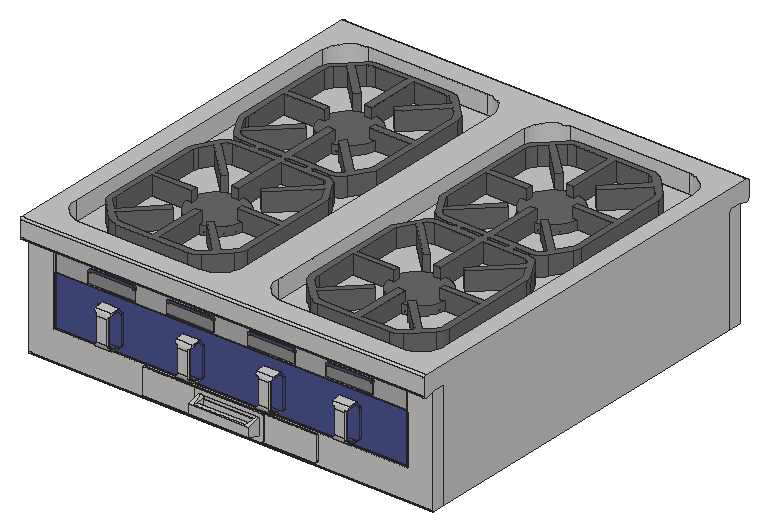
Revit family "QF_ELECTROLUXPROFESSIONAL_588050_MAGGAAHOPI", category Specialty Equipment, Revit 2018
Family settings
  Round Connector Dimension = Use Diameter
  Part Type = Normal
  Work Plane-Based = No
  Always vertical = Yes
  Cut with Voids When Loaded = No
  Shared = No
  Room Calculation Point = No
Parameters
  Weight in Pounds = 138.891
  Watts = 0 W
  URL Cutsheet = ""
  Type Mark [instance] = ""
  Status [instance] = ""
  Specification by User [instance] = ""
  Specification by Manufacturer = ""
  Show Clearance [instance] = yes
  Serial Number = ""
  Seismic Rating = ""
  SMACNA No = ""
  Revision Code [instance] = ""
  Omniclass Number and Title = ""
  NAFEM Spec ID Number = ""
  Model = "588050"
  Mechanical Remarks [instance] = ""
  Mechanical Connection Type [instance] = ""
  Masterspec = ""
  Manufacturer = "ELECTROLUX"
  Item Number [instance] = ""
  Installed By [instance] = ""
  Identify Quantity as Lot [instance] = yes
  HP = "0 HP"
  Gas Size = 1/2"
  Gas RI Height [instance] = 0 mm
  Gas KW = 28
  Gas Input = 95452.0 Btu/h
  Gas Connection Height [instance] = 0 mm
  Furnished By [instance] = ""
  Foodservice Equipment Identifier [instance] = yes
  Direct Waste Size = 0"
  Description = "GAS TOP,4 BURNERS,ECO,1-S,800X800X250H"
  CSI MasterFormat = ""
  CSI Master Format = ""
  Back Panel [instance] = yes
Reference planes
  plane 1 "BACK": y = 0
  plane 2: z = 0
  plane 3 "LEFT": x = 0
  plane 4 "RIGHT": x = 800
  plane 5 "FRONT": y = -800
  plane 6 "TOP": z = 250
  plane 7: x = 400
  plane 8: y = -400
  plane 9: z = 370
  plane 10: x = 765
  plane 11: y = -60.425
  plane 12: y = -1230
Forms (mm)
  Extrusion 1, solid, material "QF_Finishes_Stainless Steel"
    sketch origin (0, -487.128, 0) x (0, 1, 0) y (0, 0, 1)
      loop
        line (483.128, 250) -> (-308.872, 250)
        arc (-308.872, 250) -> (-311.7, 248.828) -> (-312.872, 246) r 4
        line (-312.872, 246) -> (-312.872, 214)
        arc (-312.872, 214) -> (-311.437, 210.931) -> (-308.161, 210.064) r 4
        line (-308.161, 210.064) -> (-292.872, 213) -> (-267.872, 213) -> (-267.872, 0) -> (442.128, 0) -> (442.128, 213) -> (465.765, 213) -> (482.433, 210.061)
        arc (482.433, 210.061) -> (485.699, 210.936) -> (487.128, 214) r 4
        line (487.128, 214) -> (487.128, 246)
        arc (487.128, 246) -> (485.956, 248.828) -> (483.128, 250) r 4
    from 0 to 800
  Extrusion 2, void
    sketch origin (653.786, 44.048, 250) x (1, 0, 0) y (0, -1, 0)
      loop
        line (-570.234, 89.462) -> (-334.333, 89.462)
        arc (-334.333, 89.462) -> (-299.707, 103.805) -> (-285.364, 138.432) r 48.97
        line (-285.364, 138.432) -> (-285.364, 750.078)
        arc (-285.364, 750.078) -> (-299.707, 784.705) -> (-334.333, 799.048) r 48.97
        line (-334.333, 799.048) -> (-570.234, 799.048)
        arc (-570.234, 799.048) -> (-605.59, 784.403) -> (-620.234, 749.048) r 50
        line (-620.234, 749.048) -> (-620.234, 139.462)
        arc (-620.234, 139.462) -> (-605.59, 104.107) -> (-570.234, 89.462) r 50
      loop
        line (64.679, 799.048) -> (-171.222, 799.048)
        arc (-171.222, 799.048) -> (-206.577, 784.403) -> (-221.222, 749.048) r 50
        line (-221.222, 749.048) -> (-221.222, 139.462)
        arc (-221.222, 139.462) -> (-206.577, 104.107) -> (-171.222, 89.462) r 50
        line (-171.222, 89.462) -> (64.679, 89.462)
        arc (64.679, 89.462) -> (99.306, 103.805) -> (113.649, 138.432) r 48.97
        line (113.649, 138.432) -> (113.649, 750.078)
        arc (113.649, 750.078) -> (99.306, 784.705) -> (64.679, 799.048) r 48.97
    from 0 to 37
  Extrusion 3, solid, material "QF_Finishes_Stainless Steel"
    sketch origin (10, -560, 0) x (1, 0, 0) y (0, -1, 0)
      loop
        circle (755, -70) r 6.35
    from 0 to 3.2
  Extrusion 4, solid, material "QF_Door-Drawer Clearances", visible <- "Show Clearance", detail levels coarse
    sketch origin (-178.969, -4572, 0) x (-1, 0, 0) y (0, -1, 0)
      loop
        line (-407.364, -3789.407) -> (-407.364, -3342) -> (-751.364, -3342) -> (-751.364, -3789.407) -> (-407.364, -3789.407)
    from 8.012 to 59.392
  Extrusion 5, solid, material "QF_Finishes_Stainless Steel", visible <- "Back Panel"
    sketch origin (0, 0.586, 0) x (0, 1, 0) y (0, 0, 1)
      loop
        line (-46, 0) -> (-21, 0) -> (-21, 212.833) -> (-21.949, 213) -> (-46, 213) -> (-46, 0)
    from 0 to 800
Cuts and joins
  Extrusion 2 cuts Extrusion 1
Lines and regions (mm)
  symbolic lines
    curve 1: line (0, 0, 0) -> (800, 0, 0)
    curve 2: line (0, -800, 0) -> (0, 0, 0)
    curve 3: line (800, -800, 0) -> (0, -800, 0)
    curve 4: line (800, 0, 0) -> (800, -800, 0)
    curve 5: arc (83.552, -755, 0) -> (48.197, -740.355, 0) -> (33.552, -705, 0) r 50
    curve 6: line (33.552, -705, 0) -> (33.552, -95.414, 0)
    curve 7: arc (33.552, -95.414, 0) -> (48.197, -60.059, 0) -> (83.552, -45.414, 0) r 50
    curve 8: line (83.552, -45.414, 0) -> (317.592, -45.414, 0)
    curve 9: arc (718.465, -45.414, 0) -> (753.092, -59.757, 0) -> (767.435, -94.384, 0) r 48.97
    curve 10: line (767.435, -94.384, 0) -> (767.435, -706.03, 0)
    curve 11: arc (767.435, -706.03, 0) -> (753.092, -740.657, 0) -> (718.465, -755, 0) r 48.97
    curve 12: line (718.465, -755, 0) -> (482.408, -755, 0)
    curve 13: line (482.408, -45.414, 0) -> (718.465, -45.414, 0)
    curve 14: line (317.592, -755, 0) -> (83.552, -755, 0)
    curve 15: arc (482.408, -755, 0) -> (447.053, -740.355, 0) -> (432.408, -705, 0) r 50
    curve 16: line (432.408, -705, 0) -> (432.408, -95.414, 0)
    curve 17: arc (432.408, -95.414, 0) -> (447.053, -60.059, 0) -> (482.408, -45.414, 0) r 50
    curve 18: arc (317.592, -755, 0) -> (352.947, -740.355, 0) -> (367.592, -705, 0) r 50
    curve 19: line (367.592, -705, 0) -> (367.592, -95.414, 0)
    curve 20: arc (367.592, -95.414, 0) -> (352.947, -60.059, 0) -> (317.592, -45.414, 0) r 50
  symbolic lines, style "QF_Door-Drawer Clearances"
    curve 21: line (228.395, -800, 0) -> (228.395, -1230, 0)
    curve 22: line (572.395, -1230, 0) -> (572.395, -800, 0)
    curve 23: line (228.395, -1230, 0) -> (572.395, -1230, 0)
Dimensions and locks
  plane 3 "LEFT" to plane 4 "RIGHT" = 800 mm
  plane 5 "FRONT" to plane 1 "BACK" = 800 mm
  equal spacing: plane 3 "LEFT", plane 7, plane 4 "RIGHT"
  equal spacing: plane 5 "FRONT", plane 8, plane 1 "BACK"
  plane 6 "TOP" to level = 250 mm  (x2)
  plane 1 "BACK" to plane 5 "FRONT" = 800 mm
  Extrusion 3 sketch curve to plane 1 "BACK" = 490 mm
  Extrusion 3 sketch curve to plane 4 "RIGHT" = 35 mm
  plane 1 "BACK" to Extrusion 3 = 490 mm
  locked: plane 10 to plane 4 "RIGHT" at 35
  plane 5 "FRONT" to plane 12 = 430 mm
  aligned and locked: level to plane 2
  aligned and locked: Extrusion 1 to plane 4 "RIGHT"
Automatic sketch dimensions
  Extrusion 1 sketch curve to plane 5 "FRONT" = 0 mm
  Extrusion 1 sketch curve to plane 6 "TOP" = 0 mm
  Extrusion 1 sketch curve to level = 0 mm
  Extrusion 1 sketch curve to plane 1 "BACK" = 0 mm
  Extrusion 1 sketch curve to plane 6 "TOP" = 37 mm  (x2)
  Extrusion 1 sketch curve to plane 5 "FRONT" = 4 mm
  Extrusion 1 sketch curve to plane 5 "FRONT" = 20 mm
  Extrusion 1 sketch curve to plane 5 "FRONT" = 45 mm
  plane 1 "BACK" to Extrusion 1 sketch curve = 21.363 mm
  plane 1 "BACK" to Extrusion 1 sketch curve = 4 mm  (x2)
  Extrusion 1 sketch curve to Extrusion 1 sketch curve = 4 mm
  Extrusion 1 sketch curve to Extrusion 1 sketch curve = 0.711 mm
  plane 1 "BACK" to Extrusion 1 sketch curve = 4.695 mm
  Extrusion 1 sketch curve to Extrusion 1 sketch curve = 0 mm  (x2)
  Extrusion 1 sketch curve to Extrusion 1 sketch curve = 1 mm  (x2)
  plane 1 "BACK" to Extrusion 1 sketch curve = 45 mm
  plane 1 "BACK" to curve 1 = 0 mm
  curve 1 to plane 4 "RIGHT" = 0 mm
  curve 3 to plane 3 "LEFT" = 0 mm
  curve 10 to plane 10 = 2.435 mm
  plane 11 to curve 13 = 15.012 mm
  plane 10 to curve 13 = 46.535 mm
  plane 10 to curve 12 = 46.535 mm
  plane 7 to curve 16 = 32.408 mm
  curve 19 to plane 7 = 32.408 mm
  plane 3 "LEFT" to curve 8 = 83.552 mm
  plane 3 "LEFT" to curve 14 = 83.552 mm
  plane 3 "LEFT" to curve 6 = 33.552 mm
  curve 15 to curve 16 = 50 mm
  curve 20 to plane 11 = 34.988 mm
  curve 18 to plane 5 "FRONT" = 45 mm
  curve 19 to curve 18 = 50 mm
  Extrusion 1 to Extrusion 2 sketch curve = 33.552 mm
  Extrusion 1 to Extrusion 2 sketch curve = 41 mm  (x2)
  Extrusion 2 sketch curve to Extrusion 2 sketch curve = 50 mm  (x4)
  Extrusion 1 to Extrusion 2 sketch curve = 41.414 mm
  Extrusion 2 sketch curve to Extrusion 2 sketch curve = 235.901 mm  (x2)
  Extrusion 2 sketch curve to Extrusion 2 sketch curve = 48.97 mm
  Extrusion 2 sketch curve to Extrusion 2 sketch curve = 64.142 mm
  Extrusion 1 to Extrusion 2 sketch curve = 81.535 mm  (x2)
  Extrusion 1 to Extrusion 2 sketch curve = 32.565 mm
  Extrusion 2 sketch curve to Extrusion 2 sketch curve = 1.03 mm
  curve 18 to curve 16 = 0 mm
  plane 11 to curve 8 = 15.012 mm
  curve 16 to plane 11 = 34.988 mm
  plane 7 to Extrusion 4 sketch curve = 172.395 mm
  Extrusion 4 sketch curve to plane 5 "FRONT" = 17.407 mm
  Extrusion 4 sketch curve to plane 7 = 171.605 mm
  Extrusion 4 sketch curve to Extrusion 4 sketch curve = 447.407 mm
  curve 22 to plane 12 = 0 mm
  plane 7 to curve 22 = 172.395 mm
  curve 21 to plane 7 = 171.605 mm
  curve 22 to plane 5 "FRONT" = 0 mm
  Extrusion 5 sketch curve to level = 0 mm
  plane 11 to Extrusion 5 sketch curve = 15.012 mm
  Extrusion 5 sketch curve to plane 6 "TOP" = 37.167 mm
  plane 1 "BACK" to Extrusion 5 sketch curve = 21.363 mm
  plane 1 "BACK" to Extrusion 5 sketch curve = 20.414 mm
  Extrusion 5 sketch curve to Extrusion 5 sketch curve = 0.167 mm
  radius of Extrusion 3 sketch curve = 6.35 mm
Nested families
  nested 1: "OBT_800_Open Burner" at (200, -400.207, -649.319), type "OBT_800_Open Burner"
  nested 2: "OBT_800_Open Burner" at (600, -400.207, -649.319) x (-1, 0, 0) z (0, 0, 1), type "OBT_800_Open Burner"
  nested 3: "EG_800_1000_Double Range Control Handle Front Panel" at (202.376, -755, -650), type "EG_800_1000_Double Range Control Handle Front Panel"
Connectors
  piping at (765, -490, -3.2), diameter 12.8
    settings: on Extrusion 3, index 1, connector inside diameter 0.50394", connector length 0 mm, flow factor 0, pipe flow 0 GPM, pressure drop 0.00 psi, fitting loss kfactor 0, connector angle 0.00°, fixture units 0, engagement length 0 mm, angle of deflection 0.00°, flow configuration 1, flow direction 1, fitting loss method 0, system type 7, joint type 0, gender type 0, connector reference index -1, connector utility 0, adjustable connector no, is connector primary yes, connector description "GAS CONNECTION"
Definition of nested family "OBT_800_Open Burner"
  Reference planes
    plane 1 "Center (Front/Back)": y = 0
    plane 2: z = 0
    plane 3 "Center (Left/Right)": x = 0
    plane 4: x = -136.448
    plane 5: x = 137.435
    plane 6: y = 324.793
    plane 7: y = -324.793
  Forms (mm)
    Extrusion 1, solid
      sketch origin (2130.573, 56.896, -679.622) x (1, 0, 0) y (0, 1, 0)
        loop
          line (-2137.44, 256.49) -> (-2200.793, 256.49)
          arc (-2200.793, 256.49) -> (-2207.908, 255.075) -> (-2213.94, 251.044) r 18.593
          line (-2213.94, 251.044) -> (-2226.233, 238.751) -> (-2163.48, 175.998) -> (-2171.6, 167.877) -> (-2234.354, 230.631) -> (-2250.33, 214.654)
          arc (-2250.33, 214.654) -> (-2254.433, 208.337) -> (-2255.614, 200.897) r 18.125
          line (-2255.614, 200.897) -> (-2255.614, 113.422) -> (-2175.79, 113.422) -> (-2175.79, 101.938) -> (-2255.614, 101.938) -> (-2255.614, 10.897)
          arc (-2255.614, 10.897) -> (-2254.981, 6.085) -> (-2253.123, 1.601) r 18.593
          line (-2253.123, 1.601) -> (-2240.078, -20.994) -> (-2171.6, 47.483) -> (-2163.48, 39.363) -> (-2234.012, -31.169)
          arc (-2234.012, -31.169) -> (-2228.546, -38.527) -> (-2220.23, -42.379) r 18.593
          line (-2220.23, -42.379) -> (-2137.44, -42.379) -> (-2137.44, 62.464) -> (-2123.707, 62.464) -> (-2123.707, -42.379) -> (-2039.969, -42.379)
          arc (-2039.969, -42.379) -> (-2031.653, -38.527) -> (-2026.187, -31.169) r 18.593
          line (-2026.187, -31.169) -> (-2097.271, 39.915) -> (-2089.15, 48.035) -> (-2020.118, -20.997) -> (-2004.585, 5.916) -> (-2004.585, 101.938) -> (-2085.357, 101.938) -> (-2085.357, 113.422) -> (-2004.585, 113.422) -> (-2004.585, 197.888)
          arc (-2004.585, 197.888) -> (-2006.695, 208.496) -> (-2012.704, 217.489) r 27.72
          line (-2012.704, 217.489) -> (-2025.845, 230.631) -> (-2089.15, 167.325) -> (-2097.271, 175.446) -> (-2033.966, 238.751) -> (-2046.259, 251.044)
          arc (-2046.259, 251.044) -> (-2052.291, 255.075) -> (-2059.406, 256.49) r 18.593
          line (-2059.406, 256.49) -> (-2123.707, 256.49) -> (-2123.707, 152.897) -> (-2137.44, 152.897) -> (-2137.44, 256.49)
        loop
          arc (-2267.021, 10.897) -> (-2265.999, 3.132) -> (-2263.002, -4.103) r 30
          line (-2263.002, -4.103) -> (-2242.795, -39.103)
          arc (-2242.795, -39.103) -> (-2231.814, -50.084) -> (-2216.814, -54.103) r 30
          line (-2216.814, -54.103) -> (-2189.287, -54.103)
          arc (-2189.287, -54.103) -> (-2188.243, -56) -> (-2186.272, -56.896) r 3.438
          arc (-2186.272, -56.896) -> (-2188.243, -57.792) -> (-2189.287, -59.689) r 3.438
          line (-2189.287, -59.689) -> (-2216.814, -59.689)
          arc (-2216.814, -59.689) -> (-2231.814, -63.708) -> (-2242.795, -74.689) r 30
          line (-2242.795, -74.689) -> (-2263.002, -109.689)
          arc (-2263.002, -109.689) -> (-2265.999, -116.924) -> (-2267.021, -124.689) r 30
          line (-2267.021, -124.689) -> (-2267.021, -315.461)
          arc (-2267.021, -315.461) -> (-2264.738, -326.941) -> (-2258.234, -336.674) r 30
          line (-2258.234, -336.674) -> (-2221.975, -372.933)
          arc (-2221.975, -372.933) -> (-2212.253, -379.414) -> (-2200.793, -381.689) r 30
          line (-2200.793, -381.689) -> (-2059.406, -381.689)
          arc (-2059.406, -381.689) -> (-2047.942, -379.412) -> (-2038.218, -372.928) r 30
          line (-2038.218, -372.928) -> (-2001.964, -336.674)
          arc (-2001.964, -336.674) -> (-1995.461, -326.941) -> (-1993.138, -315.461) r 30
          line (-1993.138, -315.461) -> (-1993.138, -116.719) -> (-2017.404, -74.689)
          arc (-2017.404, -74.689) -> (-2028.385, -63.708) -> (-2043.385, -59.689) r 30
          line (-2043.385, -59.689) -> (-2070.476, -59.689)
          arc (-2070.476, -59.689) -> (-2072.136, -57.759) -> (-2074.531, -56.896) r 5
          arc (-2074.531, -56.896) -> (-2072.136, -56.033) -> (-2070.476, -54.103) r 5
          line (-2070.476, -54.103) -> (-2043.385, -54.103)
          arc (-2043.385, -54.103) -> (-2028.385, -50.084) -> (-2017.404, -39.103) r 30
          line (-2017.404, -39.103) -> (-1993.294, 2.656) -> (-1993.294, 204.314)
          arc (-1993.294, 204.314) -> (-1995.995, 214.361) -> (-2001.964, 222.882) r 30
          line (-2001.964, 222.882) -> (-2038.218, 259.136)
          arc (-2038.218, 259.136) -> (-2047.942, 265.62) -> (-2059.406, 267.897) r 30
          line (-2059.406, 267.897) -> (-2200.793, 267.897)
          arc (-2200.793, 267.897) -> (-2212.253, 265.622) -> (-2221.975, 259.141) r 30
          line (-2221.975, 259.141) -> (-2258.234, 222.882)
          arc (-2258.234, 222.882) -> (-2264.738, 213.149) -> (-2267.021, 201.669) r 30
          line (-2267.021, 201.669) -> (-2267.021, 10.897)
        loop
          arc (-2122.397, -54.103) -> (-2124.057, -56.033) -> (-2126.452, -56.896) r 5
          arc (-2126.452, -56.896) -> (-2124.057, -57.759) -> (-2122.397, -59.689) r 5
          line (-2122.397, -59.689) -> (-2085.985, -59.689)
          arc (-2085.985, -59.689) -> (-2084.941, -57.792) -> (-2082.97, -56.896) r 3.438
          arc (-2082.97, -56.896) -> (-2084.941, -56) -> (-2085.985, -54.103) r 3.438
          line (-2085.985, -54.103) -> (-2122.397, -54.103)
        loop
          arc (-2173.778, -54.103) -> (-2175.438, -56.033) -> (-2177.833, -56.896) r 5
          arc (-2177.833, -56.896) -> (-2175.438, -57.759) -> (-2173.778, -59.689) r 5
          line (-2173.778, -59.689) -> (-2137.906, -59.689)
          arc (-2137.906, -59.689) -> (-2136.862, -57.792) -> (-2134.891, -56.896) r 3.438
          arc (-2134.891, -56.896) -> (-2136.862, -56) -> (-2137.906, -54.103) r 3.438
          line (-2137.906, -54.103) -> (-2173.778, -54.103)
        loop
          line (-2137.44, -370.282) -> (-2137.44, -265.439) -> (-2123.707, -265.439) -> (-2123.707, -370.282) -> (-2059.406, -370.282)
          arc (-2059.406, -370.282) -> (-2052.291, -368.867) -> (-2046.259, -364.836) r 18.593
          line (-2046.259, -364.836) -> (-2033.341, -351.918) -> (-2097.271, -287.988) -> (-2089.15, -279.867) -> (-2025.22, -343.798) -> (-2012.704, -331.281)
          arc (-2012.704, -331.281) -> (-2006.695, -322.288) -> (-2004.585, -311.68) r 27.72
          line (-2004.585, -311.68) -> (-2004.585, -225.964) -> (-2085.357, -225.964) -> (-2085.357, -214.48) -> (-2004.585, -214.48) -> (-2004.585, -119.708) -> (-2020.576, -92.003) -> (-2089.15, -160.577) -> (-2097.271, -152.457) -> (-2026.57, -81.755)
          arc (-2026.57, -81.755) -> (-2032.024, -74.971) -> (-2039.969, -71.413) r 18.593
          line (-2039.969, -71.413) -> (-2123.707, -71.413) -> (-2123.707, -175.006) -> (-2137.44, -175.006) -> (-2137.44, -71.413) -> (-2220.23, -71.413)
          arc (-2220.23, -71.413) -> (-2228.175, -74.971) -> (-2233.629, -81.755) r 18.593
          line (-2233.629, -81.755) -> (-2163.48, -151.905) -> (-2171.6, -160.025) -> (-2239.62, -92.005) -> (-2253.123, -115.393)
          arc (-2253.123, -115.393) -> (-2254.981, -119.877) -> (-2255.614, -124.689) r 18.593
          line (-2255.614, -124.689) -> (-2255.614, -214.48) -> (-2175.79, -214.48) -> (-2175.79, -225.964) -> (-2255.614, -225.964) -> (-2255.614, -314.689)
          arc (-2255.614, -314.689) -> (-2254.433, -322.129) -> (-2250.33, -328.446) r 18.125
          line (-2250.33, -328.446) -> (-2234.979, -343.798) -> (-2171.6, -280.419) -> (-2163.48, -288.54) -> (-2226.858, -351.918) -> (-2213.94, -364.836)
          arc (-2213.94, -364.836) -> (-2207.908, -368.867) -> (-2200.793, -370.282) r 18.593
          line (-2200.793, -370.282) -> (-2137.44, -370.282)
      from 1542.072 to 1578.941
    Extrusion 2, solid
      sketch origin (2130.573, 86.122, 0) x (1, 0, 0) y (0, 1, 0)
        loop
          circle (-2130.573, -249.448) r 55
        loop
          circle (-2130.573, 78.455) r 55
      from 862.45 to 879.837
    Extrusion 3, void
      sketch origin (-124.371, -330.785, -22.784) x (-0.587785, -0.809017, 0) y (0, 0, 1)
        loop
          circle (-213.495, 891.283) r 1
      from -67.69 to -35.114
    Extrusion 4, void
      sketch origin (-89.903, -351.417, -22.784) x (-0.422618, -0.906308, 0) y (0, 0, 1)
        loop
          circle (-213.495, 891.283) r 1
      from -74.826 to -35.114
    Extrusion 5, void
      sketch origin (-52.131, -365.093, -22.784) x (-0.241922, -0.970296, 0) y (0, 0, 1)
        loop
          circle (-213.495, 891.283) r 1
      from -67.69 to -35.114
    Extrusion 6, void
      sketch origin (27.702, -369.842, -22.784) x (0.139173, -0.990268, 0) y (0, 0, 1)
        loop
          circle (-213.495, 891.283) r 1
      from -67.69 to -35.114
    Extrusion 7, void
      sketch origin (66.829, -360.74, -22.784) x (0.325568, -0.945519, 0) y (0, 0, 1)
        loop
          circle (-213.495, 891.283) r 1
      from -67.69 to -35.114
    Extrusion 8, void
      sketch origin (103.5, -344.339, -22.784) x (0.5, -0.866025, 0) y (0, 0, 1)
        loop
          circle (-213.495, 891.283) r 1
      from -67.69 to -35.114
    Extrusion 9, void
      sketch origin (136.368, -321.242, -22.784) x (0.656059, -0.75471, 0) y (0, 0, 1)
        loop
          circle (-213.495, 891.283) r 1
      from -67.69 to -35.114
    Extrusion 10, void
      sketch origin (164.225, -292.298, -22.784) x (0.788011, -0.615661, 0) y (0, 0, 1)
        loop
          circle (-213.495, 891.283) r 1
      from -67.69 to -35.114
    Extrusion 11, void
      sketch origin (186.048, -258.571, -22.784) x (0.891007, -0.45399, 0) y (0, 0, 1)
        loop
          circle (-213.495, 891.283) r 1
      from -67.69 to -35.114
    Extrusion 12, void
      sketch origin (201.034, -221.299, -22.784) x (0.961262, -0.275637, 0) y (0, 0, 1)
        loop
          circle (-213.495, 891.283) r 1
      from -67.69 to -35.114
    Extrusion 13, void
      sketch origin (208.566, -141.681, -22.784) x (0.994522, 0.104528, 0) y (0, 0, 1)
        loop
          circle (-213.495, 891.283) r 1
      from -67.69 to -35.114
    Extrusion 14, void
      sketch origin (200.835, -102.26, -22.784) x (0.956305, 0.292372, 0) y (0, 0, 1)
        loop
          circle (-213.495, 891.283) r 1
      from -67.69 to -35.114
    Extrusion 15, void
      sketch origin (185.724, -65.039, -22.784) x (0.882948, 0.469472, 0) y (0, 0, 1)
        loop
          circle (-213.495, 891.283) r 1
      from -67.69 to -35.114
    Extrusion 16, void
      sketch origin (163.788, -31.385, -22.784) x (0.777146, 0.62932, 0) y (0, 0, 1)
        loop
          circle (-213.495, 891.283) r 1
      from -67.69 to -35.114
    Extrusion 17, void
      sketch origin (135.834, -2.534, -22.784) x (0.642788, 0.766044, 0) y (0, 0, 1)
        loop
          circle (-213.495, 891.283) r 1
      from -67.69 to -35.114
    Extrusion 18, void
      sketch origin (102.889, 20.452, -22.784) x (0.48481, 0.87462, 0) y (0, 0, 1)
        loop
          circle (-213.495, 891.283) r 1
      from -67.69 to -35.114
    Extrusion 19, void
      sketch origin (66.163, 36.73, -22.784) x (0.309017, 0.951057, 0) y (0, 0, 1)
        loop
          circle (-213.495, 891.283) r 1
      from -67.69 to -35.114
    Extrusion 20, void
      sketch origin (-52.811, 40.685, -22.784) x (-0.258819, 0.965926, 0) y (0, 0, 1)
        loop
          circle (-213.495, 891.283) r 1
      from -67.69 to -35.114
    Extrusion 21, void
      sketch origin (-90.537, 26.882, -22.784) x (-0.438371, 0.898794, 0) y (0, 0, 1)
        loop
          circle (-213.495, 891.283) r 1
      from -67.69 to -35.114
    Extrusion 22, void
      sketch origin (-124.936, 6.135, -22.784) x (-0.601815, 0.798636, 0) y (0, 0, 1)
        loop
          circle (-213.495, 891.283) r 1
      from -67.69 to -35.114
    Extrusion 23, void
      sketch origin (-154.744, -20.796, -22.784) x (-0.743145, 0.669131, 0) y (0, 0, 1)
        loop
          circle (-213.495, 891.283) r 1
      from -67.69 to -35.114
    Extrusion 24, void
      sketch origin (-178.866, -52.919, -22.784) x (-0.857167, 0.515038, 0) y (0, 0, 1)
        loop
          circle (-213.495, 891.283) r 1
      from -67.69 to -35.114
    Extrusion 25, void
      sketch origin (-196.416, -89.054, -22.784) x (-0.939693, 0.34202, 0) y (0, 0, 1)
        loop
          circle (-213.495, 891.283) r 1
      from -67.69 to -35.114
    Extrusion 26, void
      sketch origin (-204.521, -207.817, -22.784) x (-0.97437, -0.224951, 0) y (0, 0, 1)
        loop
          circle (-213.495, 891.283) r 1
      from -67.69 to -35.114
    Extrusion 27, void
      sketch origin (-192.043, -246.002, -22.784) x (-0.913545, -0.406737, 0) y (0, 0, 1)
        loop
          circle (-213.495, 891.283) r 1
      from -67.69 to -35.114
    Extrusion 28, void
      sketch origin (-172.509, -281.104, -22.784) x (-0.819152, -0.573576, 0) y (0, 0, 1)
        loop
          circle (-213.495, 891.283) r 1
      from -67.69 to -35.114
    Extrusion 29, void
      sketch origin (-146.635, -311.834, -22.784) x (-0.694658, -0.71934, 0) y (0, 0, 1)
        loop
          circle (-213.495, 891.283) r 1
      from -67.69 to -35.114
    Extrusion 30, void
      sketch origin (-124.371, -2.882, -22.784) x (-0.587785, -0.809017, 0) y (0, 0, 1)
        loop
          circle (-213.495, 891.283) r 1
      from -67.69 to -35.114
    Extrusion 31, void
      sketch origin (-89.903, -23.515, -22.784) x (-0.422618, -0.906308, 0) y (0, 0, 1)
        loop
          circle (-213.495, 891.283) r 1
      from -74.826 to -35.114
    Extrusion 32, void
      sketch origin (-52.131, -37.191, -22.784) x (-0.241922, -0.970296, 0) y (0, 0, 1)
        loop
          circle (-213.495, 891.283) r 1
      from -67.69 to -35.114
    Extrusion 33, void
      sketch origin (27.702, -41.939, -22.784) x (0.139173, -0.990268, 0) y (0, 0, 1)
        loop
          circle (-213.495, 891.283) r 1
      from -67.69 to -35.114
    Extrusion 34, void
      sketch origin (66.829, -32.837, -22.784) x (0.325568, -0.945519, 0) y (0, 0, 1)
        loop
          circle (-213.495, 891.283) r 1
      from -67.69 to -35.114
    Extrusion 35, void
      sketch origin (103.5, -16.436, -22.784) x (0.5, -0.866025, 0) y (0, 0, 1)
        loop
          circle (-213.495, 891.283) r 1
      from -67.69 to -35.114
    Extrusion 36, void
      sketch origin (136.368, 6.66, -22.784) x (0.656059, -0.75471, 0) y (0, 0, 1)
        loop
          circle (-213.495, 891.283) r 1
      from -67.69 to -35.114
    Extrusion 37, void
      sketch origin (164.225, 35.604, -22.784) x (0.788011, -0.615661, 0) y (0, 0, 1)
        loop
          circle (-213.495, 891.283) r 1
      from -67.69 to -35.114
    Extrusion 38, void
      sketch origin (186.048, 69.332, -22.784) x (0.891007, -0.45399, 0) y (0, 0, 1)
        loop
          circle (-213.495, 891.283) r 1
      from -67.69 to -35.114
    Extrusion 39, void
      sketch origin (201.034, 106.603, -22.784) x (0.961262, -0.275637, 0) y (0, 0, 1)
        loop
          circle (-213.495, 891.283) r 1
      from -67.69 to -35.114
    Extrusion 40, void
      sketch origin (208.566, 186.222, -22.784) x (0.994522, 0.104528, 0) y (0, 0, 1)
        loop
          circle (-213.495, 891.283) r 1
      from -67.69 to -35.114
    Extrusion 41, void
      sketch origin (200.835, 225.642, -22.784) x (0.956305, 0.292372, 0) y (0, 0, 1)
        loop
          circle (-213.495, 891.283) r 1
      from -67.69 to -35.114
    Extrusion 42, void
      sketch origin (185.724, 262.864, -22.784) x (0.882948, 0.469472, 0) y (0, 0, 1)
        loop
          circle (-213.495, 891.283) r 1
      from -67.69 to -35.114
    Extrusion 43, void
      sketch origin (163.788, 296.518, -22.784) x (0.777146, 0.62932, 0) y (0, 0, 1)
        loop
          circle (-213.495, 891.283) r 1
      from -67.69 to -35.114
    Extrusion 44, void
      sketch origin (135.834, 325.368, -22.784) x (0.642788, 0.766044, 0) y (0, 0, 1)
        loop
          circle (-213.495, 891.283) r 1
      from -67.69 to -35.114
    Extrusion 45, void
      sketch origin (102.889, 348.355, -22.784) x (0.48481, 0.87462, 0) y (0, 0, 1)
        loop
          circle (-213.495, 891.283) r 1
      from -67.69 to -35.114
    Extrusion 46, void
      sketch origin (66.163, 364.633, -22.784) x (0.309017, 0.951057, 0) y (0, 0, 1)
        loop
          circle (-213.495, 891.283) r 1
      from -67.69 to -35.114
    Extrusion 47, void
      sketch origin (-52.811, 368.588, -22.784) x (-0.258819, 0.965926, 0) y (0, 0, 1)
        loop
          circle (-213.495, 891.283) r 1
      from -67.69 to -35.114
    Extrusion 48, void
      sketch origin (-90.537, 354.785, -22.784) x (-0.438371, 0.898794, 0) y (0, 0, 1)
        loop
          circle (-213.495, 891.283) r 1
      from -67.69 to -35.114
    Extrusion 49, void
      sketch origin (-124.936, 334.037, -22.784) x (-0.601815, 0.798636, 0) y (0, 0, 1)
        loop
          circle (-213.495, 891.283) r 1
      from -67.69 to -35.114
    Extrusion 50, void
      sketch origin (-154.744, 307.107, -22.784) x (-0.743145, 0.669131, 0) y (0, 0, 1)
        loop
          circle (-213.495, 891.283) r 1
      from -67.69 to -35.114
    Extrusion 51, void
      sketch origin (-178.866, 274.984, -22.784) x (-0.857167, 0.515038, 0) y (0, 0, 1)
        loop
          circle (-213.495, 891.283) r 1
      from -67.69 to -35.114
    Extrusion 52, void
      sketch origin (-196.416, 238.848, -22.784) x (-0.939693, 0.34202, 0) y (0, 0, 1)
        loop
          circle (-213.495, 891.283) r 1
      from -67.69 to -35.114
    Extrusion 53, void
      sketch origin (-204.521, 120.086, -22.784) x (-0.97437, -0.224951, 0) y (0, 0, 1)
        loop
          circle (-213.495, 891.283) r 1
      from -67.69 to -35.114
    Extrusion 54, void
      sketch origin (-192.043, 81.901, -22.784) x (-0.913545, -0.406737, 0) y (0, 0, 1)
        loop
          circle (-213.495, 891.283) r 1
      from -67.69 to -35.114
    Extrusion 55, void
      sketch origin (-172.509, 46.798, -22.784) x (-0.819152, -0.573576, 0) y (0, 0, 1)
        loop
          circle (-213.495, 891.283) r 1
      from -67.69 to -35.114
    Extrusion 56, void
      sketch origin (-146.635, 16.068, -22.784) x (-0.694658, -0.71934, 0) y (0, 0, 1)
        loop
          circle (-213.495, 891.283) r 1
      from -67.69 to -35.114
  Cuts and joins
    Extrusion 3, Extrusion 4, Extrusion 5, Extrusion 6, Extrusion 7, Extrusion 8, Extrusion 9, Extrusion 10, Extrusion 11, Extrusion 12, Extrusion 13, Extrusion 14, Extrusion 15, Extrusion 16, Extrusion 17, Extrusion 18, Extrusion 19, Extrusion 20, Extrusion 21, Extrusion 22, Extrusion 23, Extrusion 24, Extrusion 25, Extrusion 26, Extrusion 27, Extrusion 28, Extrusion 29, Extrusion 30, Extrusion 31, Extrusion 32, Extrusion 33, Extrusion 34, Extrusion 35, Extrusion 36, Extrusion 37, Extrusion 38, Extrusion 39, Extrusion 40, Extrusion 41, Extrusion 42, Extrusion 43, Extrusion 44, Extrusion 45, Extrusion 46, Extrusion 47, Extrusion 48, Extrusion 49, Extrusion 50, Extrusion 51, Extrusion 52, Extrusion 53, Extrusion 54, Extrusion 55, Extrusion 56 cuts Extrusion 2
    Extrusion 32 cuts Extrusion 1
  Lines and regions (mm)
    symbolic lines
      curve 1: line (-103.78, 287.527, 0) -> (-41.027, 224.773, 0)
      curve 2: line (-41.027, 224.773, 0) -> (-32.906, 232.894, 0)
      curve 3: line (-32.906, 232.894, 0) -> (-95.66, 295.647, 0)
      curve 4: line (-95.66, 295.647, 0) -> (-83.367, 307.94, 0)
      curve 5: arc (-83.367, 307.94, 0) -> (-77.335, 311.971, 0) -> (-70.219, 313.386, 0) r 18.593
      curve 6: line (-70.219, 313.386, 0) -> (-6.867, 313.386, 0)
      curve 7: line (-6.867, 313.386, 0) -> (-6.867, 209.793, 0)
      curve 8: line (-6.867, 209.793, 0) -> (6.867, 209.793, 0)
      curve 9: line (6.867, 209.793, 0) -> (6.867, 313.386, 0)
      curve 10: line (6.867, 313.386, 0) -> (71.168, 313.386, 0)
      curve 11: arc (71.168, 313.386, 0) -> (78.283, 311.971, 0) -> (84.315, 307.94, 0) r 18.593
      curve 12: line (84.315, 307.94, 0) -> (96.608, 295.647, 0)
      curve 13: line (96.608, 295.647, 0) -> (33.302, 232.342, 0)
      curve 14: line (33.302, 232.342, 0) -> (41.423, 224.221, 0)
      curve 15: line (41.423, 224.221, 0) -> (104.728, 287.527, 0)
      curve 16: line (104.728, 287.527, 0) -> (117.87, 274.385, 0)
      curve 17: arc (117.87, 274.385, 0) -> (123.879, 265.392, 0) -> (125.989, 254.784, 0) r 27.72
      curve 18: line (125.989, 254.784, 0) -> (125.989, 170.318, 0)
      curve 19: line (125.989, 170.318, 0) -> (45.217, 170.318, 0)
      curve 20: line (45.217, 170.318, 0) -> (45.217, 158.834, 0)
      curve 21: line (45.217, 158.834, 0) -> (125.989, 158.834, 0)
      curve 22: line (125.989, 158.834, 0) -> (125.989, 62.812, 0)
      curve 23: line (125.989, 62.812, 0) -> (110.455, 35.899, 0)
      curve 24: line (110.455, 35.899, 0) -> (41.423, 104.931, 0)
      curve 25: line (41.423, 104.931, 0) -> (33.302, 96.811, 0)
      curve 26: line (33.302, 96.811, 0) -> (104.386, 25.727, 0)
      curve 27: arc (104.386, 25.727, 0) -> (98.921, 18.369, 0) -> (90.604, 14.517, 0) r 18.593
      curve 28: line (90.604, 14.517, 0) -> (6.867, 14.517, 0)
      curve 29: line (6.867, 14.517, 0) -> (6.867, 119.36, 0)
      curve 30: line (6.867, 119.36, 0) -> (-6.867, 119.36, 0)
      curve 31: line (-6.867, 119.36, 0) -> (-6.867, 14.517, 0)
      curve 32: line (-6.867, 14.517, 0) -> (-89.656, 14.517, 0)
      curve 33: arc (-89.656, 14.517, 0) -> (-97.973, 18.369, 0) -> (-103.438, 25.727, 0) r 18.593
      curve 34: line (-103.438, 25.727, 0) -> (-32.906, 96.259, 0)
      curve 35: line (-32.906, 96.259, 0) -> (-41.027, 104.379, 0)
      curve 36: line (-41.027, 104.379, 0) -> (-109.504, 35.902, 0)
      curve 37: line (-109.504, 35.902, 0) -> (-122.55, 58.497, 0)
      curve 38: arc (-122.55, 58.497, 0) -> (-124.407, 62.981, 0) -> (-125.041, 67.793, 0) r 18.593
      curve 39: line (-125.041, 67.793, 0) -> (-125.041, 158.834, 0)
      curve 40: line (-125.041, 158.834, 0) -> (-45.217, 158.834, 0)
      curve 41: line (-45.217, 158.834, 0) -> (-45.217, 170.318, 0)
      curve 42: line (-45.217, 170.318, 0) -> (-125.041, 170.318, 0)
      curve 43: line (-125.041, 170.318, 0) -> (-125.041, 257.793, 0)
      curve 44: arc (-125.041, 257.793, 0) -> (-123.86, 265.233, 0) -> (-119.757, 271.55, 0) r 18.125
      curve 45: line (-119.757, 271.55, 0) -> (-103.78, 287.527, 0)
      curve 46: line (-32.906, -95.009, 0) -> (-103.056, -24.859, 0)
      curve 47: arc (-103.056, -24.859, 0) -> (-97.601, -18.075, 0) -> (-89.656, -14.517, 0) r 18.593
      curve 48: line (-89.656, -14.517, 0) -> (-6.867, -14.517, 0)
      curve 49: line (-6.867, -14.517, 0) -> (-6.867, -118.11, 0)
      curve 50: line (-6.867, -118.11, 0) -> (6.867, -118.11, 0)
      curve 51: line (6.867, -118.11, 0) -> (6.867, -14.517, 0)
      curve 52: line (6.867, -14.517, 0) -> (90.604, -14.517, 0)
      curve 53: arc (90.604, -14.517, 0) -> (98.549, -18.075, 0) -> (104.004, -24.859, 0) r 18.593
      curve 54: line (104.004, -24.859, 0) -> (33.302, -95.561, 0)
      curve 55: line (33.302, -95.561, 0) -> (41.423, -103.681, 0)
      curve 56: line (41.423, -103.681, 0) -> (109.998, -35.107, 0)
      curve 57: line (109.998, -35.107, 0) -> (125.989, -62.812, 0)
      curve 58: line (125.989, -62.812, 0) -> (125.989, -157.584, 0)
      curve 59: line (125.989, -157.584, 0) -> (45.217, -157.584, 0)
      curve 60: line (45.217, -157.584, 0) -> (45.217, -169.068, 0)
      curve 61: line (45.217, -169.068, 0) -> (125.989, -169.068, 0)
      curve 62: line (125.989, -169.068, 0) -> (125.989, -254.784, 0)
      curve 63: arc (125.989, -254.784, 0) -> (123.879, -265.392, 0) -> (117.87, -274.385, 0) r 27.72
      curve 64: line (117.87, -274.385, 0) -> (105.353, -286.902, 0)
      curve 65: line (105.353, -286.902, 0) -> (41.423, -222.971, 0)
      curve 66: line (41.423, -222.971, 0) -> (33.302, -231.092, 0)
      curve 67: line (33.302, -231.092, 0) -> (97.233, -295.022, 0)
      curve 68: line (97.233, -295.022, 0) -> (84.315, -307.94, 0)
      curve 69: arc (84.315, -307.94, 0) -> (78.283, -311.971, 0) -> (71.168, -313.386, 0) r 18.593
      curve 70: line (71.168, -313.386, 0) -> (6.867, -313.386, 0)
      curve 71: line (6.867, -313.386, 0) -> (6.867, -208.543, 0)
      curve 72: line (6.867, -208.543, 0) -> (-6.867, -208.543, 0)
      curve 73: line (-6.867, -208.543, 0) -> (-6.867, -313.386, 0)
      curve 74: line (-6.867, -313.386, 0) -> (-70.219, -313.386, 0)
      curve 75: arc (-70.219, -313.386, 0) -> (-77.335, -311.971, 0) -> (-83.367, -307.94, 0) r 18.593
      curve 76: line (-83.367, -307.94, 0) -> (-96.285, -295.022, 0)
      curve 77: line (-96.285, -295.022, 0) -> (-32.906, -231.644, 0)
      curve 78: line (-32.906, -231.644, 0) -> (-41.027, -223.523, 0)
      curve 79: line (-41.027, -223.523, 0) -> (-104.405, -286.902, 0)
      curve 80: line (-104.405, -286.902, 0) -> (-119.757, -271.55, 0)
      curve 81: arc (-119.757, -271.55, 0) -> (-123.86, -265.233, 0) -> (-125.041, -257.793, 0) r 18.125
      curve 82: line (-125.041, -257.793, 0) -> (-125.041, -169.068, 0)
      curve 83: line (-125.041, -169.068, 0) -> (-45.217, -169.068, 0)
      curve 84: line (-45.217, -169.068, 0) -> (-45.217, -157.584, 0)
      curve 85: line (-45.217, -157.584, 0) -> (-125.041, -157.584, 0)
      curve 86: line (-125.041, -157.584, 0) -> (-125.041, -67.793, 0)
      curve 87: arc (-125.041, -67.793, 0) -> (-124.407, -62.981, 0) -> (-122.55, -58.497, 0) r 18.593
      curve 88: line (-122.55, -58.497, 0) -> (-109.047, -35.109, 0)
      curve 89: line (-109.047, -35.109, 0) -> (-41.027, -103.129, 0)
      curve 90: line (-41.027, -103.129, 0) -> (-32.906, -95.009, 0)
      curve 91: line (-132.429, 52.793, 0) -> (-112.221, 17.793, 0)
      curve 92: arc (-112.221, 17.793, 0) -> (-101.241, 6.812, 0) -> (-86.241, 2.793, 0) r 30
      curve 93: line (-86.241, 2.793, 0) -> (-58.714, 2.793, 0)
      curve 94: arc (-58.714, 2.793, 0) -> (-57.669, 0.896, 0) -> (-55.698, 0, 0) r 3.438
      curve 95: arc (-55.698, 0, 0) -> (-57.669, -0.896, 0) -> (-58.714, -2.793, 0) r 3.438
      curve 96: line (-58.714, -2.793, 0) -> (-86.241, -2.793, 0)
      curve 97: arc (-86.241, -2.793, 0) -> (-101.241, -6.812, 0) -> (-112.221, -17.793, 0) r 30
      curve 98: line (-112.221, -17.793, 0) -> (-132.429, -52.793, 0)
      curve 99: arc (-132.429, -52.793, 0) -> (-135.426, -60.028, 0) -> (-136.448, -67.793, 0) r 30
      curve 100: line (-136.448, -67.793, 0) -> (-136.448, -258.565, 0)
      curve 101: arc (-136.448, -258.565, 0) -> (-134.164, -270.045, 0) -> (-127.661, -279.778, 0) r 30
      curve 102: line (-127.661, -279.778, 0) -> (-91.401, -316.037, 0)
      curve 103: arc (-91.401, -316.037, 0) -> (-81.68, -322.518, 0) -> (-70.219, -324.793, 0) r 30
      curve 104: line (-70.219, -324.793, 0) -> (71.168, -324.793, 0)
      curve 105: arc (71.168, -324.793, 0) -> (82.631, -322.516, 0) -> (92.355, -316.032, 0) r 30
      curve 106: line (92.355, -316.032, 0) -> (128.609, -279.778, 0)
      curve 107: arc (128.609, -279.778, 0) -> (135.112, -270.045, 0) -> (137.396, -258.565, 0) r 30
      curve 108: line (137.435, -258.565, 0) -> (137.435, -59.823, 0)
      curve 109: line (137.435, -59.823, 0) -> (113.169, -17.793, 0)
      curve 110: arc (113.169, -17.793, 0) -> (102.189, -6.812, 0) -> (87.189, -2.793, 0) r 30
      curve 111: line (87.189, -2.793, 0) -> (60.098, -2.793, 0)
      curve 112: arc (60.098, -2.793, 0) -> (58.438, -0.863, 0) -> (56.042, 0, 0) r 5
      curve 113: arc (56.042, 0, 0) -> (58.438, 0.863, 0) -> (60.098, 2.793, 0) r 5
      curve 114: line (60.098, 2.793, 0) -> (87.189, 2.793, 0)
      curve 115: arc (87.189, 2.793, 0) -> (102.189, 6.812, 0) -> (113.169, 17.793, 0) r 30
      curve 116: line (113.169, 17.793, 0) -> (137.279, 59.552, 0)
      curve 117: line (137.279, 59.552, 0) -> (137.279, 261.21, 0)
      curve 118: arc (137.279, 261.21, 0) -> (134.579, 271.257, 0) -> (128.609, 279.778, 0) r 30
      curve 119: line (128.609, 279.778, 0) -> (92.355, 316.032, 0)
      curve 120: arc (92.355, 316.032, 0) -> (82.631, 322.516, 0) -> (71.168, 324.793, 0) r 30
      curve 121: line (71.168, 324.793, 0) -> (-70.219, 324.793, 0)
      curve 122: arc (-70.219, 324.793, 0) -> (-81.68, 322.518, 0) -> (-91.401, 316.037, 0) r 30
      curve 123: line (-91.401, 316.037, 0) -> (-127.661, 279.778, 0)
      curve 124: arc (-127.661, 279.778, 0) -> (-134.164, 270.045, 0) -> (-136.448, 258.565, 0) r 30
      curve 125: line (-136.448, 258.565, 0) -> (-136.448, 67.793, 0)
      curve 126: arc (-136.448, 67.793, 0) -> (-135.426, 60.028, 0) -> (-132.429, 52.793, 0) r 30
      curve 127: line (-43.204, 2.793, 0) -> (-7.333, 2.793, 0)
      curve 128: arc (-7.333, 2.793, 0) -> (-6.288, 0.896, 0) -> (-4.317, 0, 0) r 3.438
      curve 129: arc (-4.317, 0, 0) -> (-6.288, -0.896, 0) -> (-7.333, -2.793, 0) r 3.438
      curve 130: line (-7.333, -2.793, 0) -> (-43.204, -2.793, 0)
      curve 131: arc (-43.204, -2.793, 0) -> (-44.864, -0.863, 0) -> (-47.26, 0, 0) r 5
      curve 132: arc (-47.26, 0, 0) -> (-44.864, 0.863, 0) -> (-43.204, 2.793, 0) r 5
      curve 133: line (8.177, 2.793, 0) -> (44.588, 2.793, 0)
      curve 134: arc (44.588, 2.793, 0) -> (45.633, 0.896, 0) -> (47.604, 0, 0) r 3.438
      curve 135: arc (47.604, 0, 0) -> (45.633, -0.896, 0) -> (44.588, -2.793, 0) r 3.438
      curve 136: line (44.588, -2.793, 0) -> (8.177, -2.793, 0)
      curve 137: arc (8.177, -2.793, 0) -> (6.517, -0.863, 0) -> (4.121, 0, 0) r 5
      curve 138: arc (4.121, 0, 0) -> (6.517, 0.863, 0) -> (8.177, 2.793, 0) r 5
      curve 139: arc (-6.867, 219.146, 0) -> (-39.289, 203.065, 0) -> (-54.699, 170.318, 0) r 55
      curve 140: arc (54.699, 170.318, 0) -> (39.289, 203.065, 0) -> (6.867, 219.146, 0) r 55
      curve 141: arc (6.867, 110.007, 0) -> (39.289, 126.088, 0) -> (54.699, 158.834, 0) r 55
      curve 142: arc (-54.699, 158.834, 0) -> (-39.289, 126.088, 0) -> (-6.867, 110.007, 0) r 55
      curve 143: arc (-6.867, -108.757, 0) -> (-39.289, -124.838, 0) -> (-54.699, -157.584, 0) r 55
      curve 144: arc (-54.699, -169.068, 0) -> (-39.289, -201.815, 0) -> (-6.867, -217.896, 0) r 55
      curve 145: arc (54.699, -157.584, 0) -> (39.289, -124.838, 0) -> (6.867, -108.757, 0) r 55
      curve 146: arc (6.867, -217.896, 0) -> (39.289, -201.815, 0) -> (54.699, -169.068, 0) r 55
  Dimensions and locks
    plane 5 to plane 4 = 273.883 mm
    equal spacing: Extrusion 1 sketch curve, plane 3 "Center (Left/Right)", Extrusion 1 sketch curve
Definition of nested family "EG_800_1000_Double Range Control Handle Front Panel"
  Reference planes
    plane 1 "Center (Front/Back)": y = 0
    plane 2: z = 0
    plane 3 "Center (Left/Right)": x = 197.624
    plane 4: x = -202.376
    plane 5: x = 597.624
    plane 6: y = -45
  Forms (mm)
    Extrusion 1, solid
      sketch origin (833.217, 829.203, -1.25) x (0, 1, 0) y (0, 0, 1)
        loop
          arc (-854.203, 654.25) -> (-853.324, 652.129) -> (-851.203, 651.25) r 3
          line (-851.203, 651.25) -> (-829.203, 651.25) -> (-829.203, 864.25) -> (-854.203, 864.25) -> (-854.203, 654.25)
      from -1035.593 to -235.593
    Extrusion 2, void
      sketch origin (33.217, 829.203, -1.25) x (1, 0, 0) y (0, 0, 1)
        loop
          line (-185.593, 855.116) -> (-185.593, 713.116) -> (514.407, 713.116) -> (514.407, 855.116) -> (-185.593, 855.116)
      from 848.59 to 854.203
  Cuts and joins
    Extrusion 2 cuts Extrusion 1
  Dimensions and locks
    equal spacing: plane 5, plane 3 "Center (Left/Right)", plane 4
    plane 5 to plane 4 = 800 mm
    aligned and locked: cut or joined group of Extrusion 1, Extrusion 2 to plane 4
    aligned and locked: plane 5 to cut or joined group of Extrusion 1, Extrusion 2
    aligned and locked: plane 3 "Center (Left/Right)" to nested 2
    aligned and locked: cut or joined group of Extrusion 1, Extrusion 2 to nested 2
  Automatic sketch dimensions
    Extrusion 1 sketch curve to plane 1 "Center (Front/Back)" = 0 mm
    plane 1 "Center (Front/Back)" to Extrusion 1 sketch curve = 22 mm
    Extrusion 1 sketch curve to Extrusion 1 sketch curve = 3 mm
    level to Extrusion 1 sketch curve = 650 mm
    Extrusion 1 sketch curve to Extrusion 1 sketch curve = 210 mm
    plane 4 to Extrusion 2 sketch curve = 50 mm
    Extrusion 2 sketch curve to plane 5 = 50 mm
    level to Extrusion 2 sketch curve = 711.866 mm
    Extrusion 2 sketch curve to Extrusion 2 sketch curve = 142 mm
  Nested families
    nested 1: "Range Control Handle" at (122.624, -28.137, -209.113) x (-1, 0, 0) z (0, 0, 1), type "Range Control Handle"
    nested 2: "glass conrol panel" at (197.624, 280.644, 2.752), type "glass conrol panel"
    nested 3: "Range Control Handle" at (432.624, -28.137, -209.113), type "Range Control Handle"
    nested 4: "grease trap door" at (130.025, -25, 0), type "grease trap door"
    nested 5: "Range Control Handle" at (282.624, -28.137, -209.113) x (-1, 0, 0) z (0, 0, 1), type "Range Control Handle"
    nested 6: "Range Control Handle" at (-37.376, -28.137, -209.113) x (-1, 0, 0) z (0, 0, 1), type "Range Control Handle"
  Definition of nested family "Range Control Handle"
    Reference planes
      plane 1 "Center (Front/Back)": y = 0
      plane 2: z = 0
      plane 3 "Center (Left/Right)": x = 0
      plane 4: z = 971.092
      plane 5: y = -16.9
    Forms (mm)
      Extrusion 1, solid
        sketch origin (-746.28, 380.497, 208.931) x (-1, 0, 0) y (0, 0, 1)
          loop
            line (-770.101, 786.798) -> (-770.101, 731.649)
            arc (-770.101, 731.649) -> (-769.759, 730.563) -> (-768.855, 729.87) r 1.893
            line (-768.855, 729.87) -> (-763.474, 727.911) -> (-729.81, 727.911) -> (-724.428, 729.87)
            arc (-724.428, 729.87) -> (-723.525, 730.563) -> (-723.183, 731.649) r 1.893
            line (-723.183, 731.649) -> (-723.183, 786.798)
            arc (-723.183, 786.798) -> (-723.529, 787.894) -> (-724.44, 788.593) r 1.91
            line (-724.44, 788.593) -> (-729.683, 790.819) -> (-763.601, 790.819) -> (-768.844, 788.593)
            arc (-768.844, 788.593) -> (-769.755, 787.894) -> (-770.101, 786.798) r 1.91
        from -382.35 to -378.852
      Sweep 2, solid
        path origin (-746.788, 380.496, 208.091) x (0, -1, 0) y (0, 0, 1)
          loop
            line (379.775, 793.281) -> (395.661, 791.048)
            arc (395.661, 791.048) -> (397.781, 787.377) -> (398.517, 783.202) r 12.207
            line (398.517, 783.202) -> (398.517, 737.368)
            arc (398.517, 737.368) -> (397.781, 733.193) -> (395.661, 729.522) r 12.207
            line (395.661, 729.522) -> (379.775, 727.289)
        profile origin (-746.788, -7.222, 1000.256) x (0, -0.139173, 0.990268) y (-1, 0, 0)
          loop
            line (0.782, -763.123) -> (0.782, -730.907) -> (-1.322, -730.907) -> (-1.322, -763.123) -> (0.782, -763.123)
      Sweep 3, solid
        path origin (-746.788, 380.715, 207.832) x (0, -1, 0) y (0, 0, 1)
          loop
            line (380.478, 795.442) -> (397.218, 793.09)
            arc (397.218, 793.09) -> (399.929, 788.473) -> (400.871, 783.202) r 15.207
            line (400.871, 783.202) -> (400.871, 737.584)
            arc (400.871, 737.584) -> (399.914, 732.274) -> (397.164, 727.633) r 15.207
            line (397.164, 727.633) -> (380.601, 725.305)
        profile origin (-746.788, -8.132, 1002.099) x (0, -0.139173, 0.990268) y (-1, 0, 0)
          loop
            line (0.782, -763.123) -> (0.782, -730.907) -> (-1.322, -730.907) -> (-1.322, -763.123) -> (0.782, -763.123)
      Extrusion 4, void
        sketch origin (889.253, 220.666, 207.993) x (1, 0, 0) y (0, 0, 1)
          loop
            line (-943.038, 816.854) -> (-943.038, 703.686) -> (-899.466, 734.196) -> (-899.466, 786.344) -> (-943.038, 816.854)
        from 230.636 to 242.25
      Extrusion 5, void
        sketch origin (-888.8, 220.666, 207.993) x (-1, 0, 0) y (0, 0, -1)
          loop
            line (-943.038, -816.854) -> (-899.466, -786.344) -> (-899.466, -734.196) -> (-943.038, -703.686) -> (-943.038, -816.854)
        from 230.636 to 242.25
      Extrusion 6, solid
        sketch origin (0, 0, 0) x (1, 0, 0) y (0, 0, 1)
          loop
            circle (0, 971.092) r 7.736
        from -3.137 to -1.645
    Cuts and joins
      Extrusion 4, Extrusion 5 cuts Sweep 3
      Extrusion 4, Extrusion 5 cuts Sweep 2
      joined: Extrusion 1, Extrusion 6
    Lines and regions (mm)
      symbolic lines
        curve 1: line (16.334, -16.9, 0) -> (16.334, -19.227, 0)
        curve 2: spline (16.334, -19.227, 0) -> (15.87, -19.385, 0) -> (15.404, -19.536, 0) -> (14.936, -19.678, 0) -> (14.466, -19.813, 0) -> (13.995, -19.94, 0) -> (13.523, -20.059, 0) -> (13.049, -20.171, 0) -> (12.575, -20.274, 0) -> (12.099, -20.37, 0) -> (11.622, -20.458, 0) -> (11.144, -20.537, 0) -> (10.666, -20.609, 0)
        curve 3: line (10.666, -16.9, 0) -> (10.666, -20.938, 0)
        curve 4: line (-10.213, -20.938, 0) -> (10.666, -20.938, 0)
        curve 5: line (-10.213, -20.938, 0) -> (-10.213, -16.9, 0)
        curve 6: spline (-10.213, -20.609, 0) -> (-10.691, -20.537, 0) -> (-11.169, -20.458, 0) -> (-11.646, -20.37, 0) -> (-12.122, -20.274, 0) -> (-12.597, -20.171, 0) -> (-13.07, -20.059, 0) -> (-13.542, -19.94, 0) -> (-14.013, -19.813, 0) -> (-14.483, -19.678, 0) -> (-14.951, -19.536, 0) -> (-15.417, -19.385, 0) -> (-15.881, -19.227, 0)
        curve 7: line (-15.881, -19.227, 0) -> (-15.881, -16.9, 0)
  Definition of nested family "glass conrol panel"
    Reference planes
      plane 1 "Center (Front/Back)": y = 0
      plane 2: z = 0
      plane 3 "Center (Left/Right)": x = 0
    Forms (mm)
      Extrusion 1, solid
        sketch origin (378.286, 0, 0.617) x (1, 0, 0) y (0, 0, 1)
          loop
            line (-728.286, 806.791) -> (-728.286, 708.497) -> (-28.286, 708.497) -> (-28.286, 806.791) -> (-728.286, 806.791)
        from 300.031 to 304.8
      Extrusion 2, solid
        sketch origin (378.286, 0, 0.617) x (1, 0, 0) y (0, 0, 1)
          loop
            line (-728.286, 850.497) -> (-728.286, 806.791) -> (-28.286, 806.791) -> (-28.286, 850.497) -> (-728.286, 850.497)
        from 300.031 to 304.8
      Extrusion 3, void
        sketch origin (378.286, 0, 0.617) x (1, 0, 0) y (0, 0, 1)
          loop
            line (-725.628, 847.565) -> (-725.628, 710.699) -> (-31.196, 710.699) -> (-31.196, 847.565) -> (-725.628, 847.565)
        from 303.697 to 304.8
      Extrusion 4, solid
        sketch origin (-543.309, 1.101, -0.633) x (-1, 0, 0) y (0, 0, -1)
          loop
            line (-261.431, -812.62) -> (-355.186, -812.62) -> (-355.186, -834.177) -> (-350.269, -834.177) -> (-348.469, -835.977) -> (-268.039, -835.977) -> (-266.24, -834.177) -> (-261.431, -834.177) -> (-261.431, -812.62)
        from 304.798 to 306.745
      Extrusion 5, solid
        sketch origin (-543.309, 1.101, -0.633) x (-1, 0, 0) y (0, 0, -1)
          loop
            line (-350.269, -834.177) -> (-355.078, -834.177)
            arc (-355.078, -834.177) -> (-353.942, -838.747) -> (-349.686, -840.763) r 5.5
            line (-349.686, -840.763) -> (-266.98, -840.763)
            arc (-266.98, -840.763) -> (-262.706, -838.752) -> (-261.529, -834.177) r 5.549
            line (-261.529, -834.177) -> (-266.24, -834.177) -> (-268.039, -835.977) -> (-348.469, -835.977) -> (-350.269, -834.177)
        from 304.798 to 306.745
      Extrusion 6, solid
        sketch origin (-388.309, 1.101, -0.633) x (-1, 0, 0) y (0, 0, -1)
          loop
            line (-261.431, -812.62) -> (-355.186, -812.62) -> (-355.186, -834.177) -> (-350.269, -834.177) -> (-348.469, -835.977) -> (-268.039, -835.977) -> (-266.24, -834.177) -> (-261.431, -834.177) -> (-261.431, -812.62)
        from 304.798 to 306.745
      Extrusion 7, solid
        sketch origin (-388.309, 1.101, -0.633) x (-1, 0, 0) y (0, 0, -1)
          loop
            line (-350.269, -834.177) -> (-355.078, -834.177)
            arc (-355.078, -834.177) -> (-353.942, -838.747) -> (-349.686, -840.763) r 5.5
            line (-349.686, -840.763) -> (-266.98, -840.763)
            arc (-266.98, -840.763) -> (-262.706, -838.752) -> (-261.529, -834.177) r 5.549
            line (-261.529, -834.177) -> (-266.24, -834.177) -> (-268.039, -835.977) -> (-348.469, -835.977) -> (-350.269, -834.177)
        from 304.798 to 306.745
      Extrusion 8, solid
        sketch origin (543.309, 1.101, -0.633) x (1, 0, 0) y (0, 0, 1)
          loop
            line (-261.431, 812.62) -> (-261.431, 834.177) -> (-266.24, 834.177) -> (-268.039, 835.977) -> (-348.469, 835.977) -> (-350.269, 834.177) -> (-355.186, 834.177) -> (-355.186, 812.62) -> (-261.431, 812.62)
        from 304.798 to 306.745
      Extrusion 9, solid
        sketch origin (543.309, 1.101, -0.633) x (1, 0, 0) y (0, 0, 1)
          loop
            line (-350.269, 834.177) -> (-348.469, 835.977) -> (-268.039, 835.977) -> (-266.24, 834.177) -> (-261.529, 834.177)
            arc (-261.529, 834.177) -> (-262.706, 838.752) -> (-266.98, 840.763) r 5.549
            line (-266.98, 840.763) -> (-349.686, 840.763)
            arc (-349.686, 840.763) -> (-353.942, 838.747) -> (-355.078, 834.177) r 5.5
            line (-355.078, 834.177) -> (-350.269, 834.177)
        from 304.798 to 306.745
      Extrusion 10, solid
        sketch origin (388.309, 1.101, -0.633) x (1, 0, 0) y (0, 0, 1)
          loop
            line (-261.431, 812.62) -> (-261.431, 834.177) -> (-266.24, 834.177) -> (-268.039, 835.977) -> (-348.469, 835.977) -> (-350.269, 834.177) -> (-355.186, 834.177) -> (-355.186, 812.62) -> (-261.431, 812.62)
        from 304.798 to 306.745
      Extrusion 11, solid
        sketch origin (388.309, 1.101, -0.633) x (1, 0, 0) y (0, 0, 1)
          loop
            line (-350.269, 834.177) -> (-348.469, 835.977) -> (-268.039, 835.977) -> (-266.24, 834.177) -> (-261.529, 834.177)
            arc (-261.529, 834.177) -> (-262.706, 838.752) -> (-266.98, 840.763) r 5.549
            line (-266.98, 840.763) -> (-349.686, 840.763)
            arc (-349.686, 840.763) -> (-353.942, 838.747) -> (-355.078, 834.177) r 5.5
            line (-355.078, 834.177) -> (-350.269, 834.177)
        from 304.798 to 306.745
    Cuts and joins
      Extrusion 3 cuts Extrusion 1
      Extrusion 3 cuts Extrusion 2
    Dimensions and locks
      aligned and locked: Extrusion 1 to Extrusion 2
      aligned and locked: Extrusion 5 sketch curve to Extrusion 4  (x5)
      aligned and locked: Extrusion 5 to Extrusion 4
      aligned and locked: Extrusion 7 sketch curve to Extrusion 6  (x5)
      aligned and locked: Extrusion 7 to Extrusion 6
      aligned and locked: Extrusion 9 sketch curve to Extrusion 8  (x4)
      aligned and locked: Extrusion 8 to Extrusion 9 sketch curve
      aligned and locked: Extrusion 9 to Extrusion 8
      aligned and locked: Extrusion 11 sketch curve to Extrusion 10  (x4)
      aligned and locked: Extrusion 10 to Extrusion 11 sketch curve
      aligned and locked: Extrusion 11 to Extrusion 10
  Definition of nested family "grease trap door"
    Reference planes
      plane 1 "Center (Front/Back)": y = 0
      plane 2: z = 0
      plane 3 "Center (Left/Right)": x = 0
      plane 4: y = -20
    Forms (mm)
      Extrusion 1, solid
        sketch origin (1627.55, 854.203, -1.25) x (1, 0, 0) y (0, 0, 1)
          loop
            arc (-1627.55, 661.235) -> (-1626.972, 659.84) -> (-1625.577, 659.262) r 1.973
            line (-1625.577, 659.262) -> (-1494.325, 659.262)
            arc (-1494.325, 659.262) -> (-1492.156, 660.16) -> (-1491.258, 662.329) r 3.067
            line (-1491.258, 662.329) -> (-1491.258, 708.803)
            arc (-1491.258, 708.803) -> (-1492.414, 710.143) -> (-1494.111, 710.642) r 3.133
            line (-1494.111, 710.642) -> (-1625.486, 710.642)
            arc (-1625.486, 710.642) -> (-1626.945, 710.038) -> (-1627.55, 708.579) r 2.063
            line (-1627.55, 708.579) -> (-1627.55, 661.235)
        from 856.795 to 859.203
      Extrusion 2, solid
        sketch origin (445.874, 2476.61, 0) x (0, 1, 0) y (0, 0, 1)
          loop
            line (-2506.377, 675.273) -> (-2481.61, 667.505) -> (-2481.61, 700.995) -> (-2506.377, 693.227) -> (-2506.377, 675.273)
        from -437.68 to -317.68
      Extrusion 3, void
        sketch origin (1627.55, 854.203, -1.25) x (1, 0, 0) y (0, 0, 1)
          loop
            line (-1614.883, 703) -> (-1610.542, 695.433) -> (-1508.17, 695.433) -> (-1503.828, 703) -> (-1614.883, 703)
          loop
            line (-1614.883, 668) -> (-1502.669, 668) -> (-1507.01, 675.567) -> (-1610.542, 675.567) -> (-1614.883, 668)
        from 832.916 to 883.97
      Extrusion 4, void
        sketch origin (447.55, 854.203, -1.25) x (1, 0, 0) y (0, 0, 1)
          loop
            line (-430.542, 695.433) -> (-430.542, 675.567) -> (-328.17, 675.567) -> (-328.17, 695.433) -> (-430.542, 695.433)
        from 859.203 to 874.202
      Extrusion 5, solid
        sketch origin (1627.55, 854.203, -1.25) x (1, 0, 0) y (0, 0, 1)
          loop
            arc (-1731.556, 661.235) -> (-1730.978, 659.84) -> (-1729.583, 659.262) r 1.973
            line (-1729.583, 659.262) -> (-1390.623, 659.262)
            arc (-1390.623, 659.262) -> (-1388.454, 660.16) -> (-1387.556, 662.329) r 3.067
            line (-1387.556, 662.329) -> (-1387.556, 708.803)
            arc (-1387.556, 708.803) -> (-1388.712, 710.143) -> (-1390.409, 710.642) r 3.133
            line (-1390.409, 710.642) -> (-1729.493, 710.642)
            arc (-1729.493, 710.642) -> (-1730.952, 710.038) -> (-1731.556, 708.579) r 2.063
            line (-1731.556, 708.579) -> (-1731.556, 661.235)
        from 854.203 to 856.795
    Cuts and joins
      Extrusion 3 cuts Extrusion 1
      Extrusion 3, Extrusion 4 cuts Extrusion 2
      joined: Extrusion 1, Extrusion 2
    Lines and regions (mm)
      model lines
        curve 1: line (67.599, 0, 658.012) -> (67.599, 0, 709.392)
      symbolic lines
        curve 2: line (8.194, -20, 0) -> (8.194, -29.767, 0)
        curve 3: line (8.194, -29.767, 0) -> (128.194, -29.767, 0)
        curve 4: line (128.194, -29.767, 0) -> (128.194, -20, 0)
    Dimensions and locks
      aligned and locked: Extrusion 2 to Extrusion 1
      aligned and locked: Extrusion 3 to Extrusion 2
      aligned and locked: Extrusion 4 to Extrusion 1
